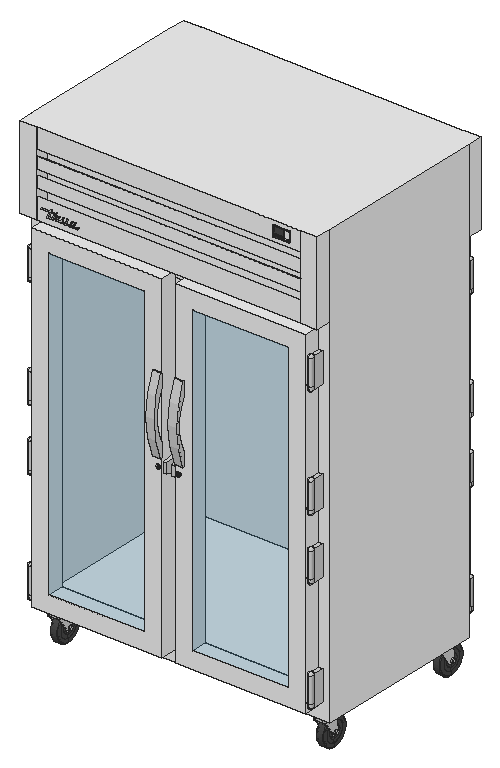
Revit family (continued)
Cuts and joins
  joined: Revolve 14, Extrusion 15
Lines and regions (in)
  symbolic lines
    curve 1: line (0, 0, 0) -> (52.625, 0, 0)
    curve 2: line (0, -36.125, 0) -> (0, 0, 0)
    curve 3: line (52.625, -36.125, 0) -> (0, -36.125, 0)
    curve 4: line (52.625, 0, 0) -> (52.625, -36.125, 0)
    curve 5: line (52.625, -33.875, 0) -> (0, -33.875, 0)
    curve 26: line (23.70675, -37.76905, 0) -> (23.70675, -36.125, 0)
    curve 27: line (23.70675, -37.76905, 0) -> (25.20675, -37.76905, 0)
    curve 28: line (25.20675, -36.125, 0) -> (25.20675, -37.76905, 0)
    curve 29: line (29.09013, -37.76905, 0) -> (29.09013, -36.125, 0)
    curve 30: line (29.09013, -37.76905, 0) -> (27.59013, -37.76905, 0)
    curve 31: line (27.59013, -36.125, 0) -> (27.59013, -37.76905, 0)
    curve 32: arc (20.4, 0.2, 0) -> (13.83438, 1.55018, 0) -> (7.26875, 0.2, 0) r 16.63863
    curve 33: line (20.4, 0, 0) -> (20.4, 0.2, 0)
    curve 34: line (7.26875, 0.2, 0) -> (7.26875, 0, 0)
    curve 35: arc (9.66875, 0, 0) -> (13.83438, 1.04513, 0) -> (18, 0, 0) r 8.82412
    curve 36: arc (32.1625, 0.2, 0) -> (38.9625, 1.64405, 0) -> (45.7625, 0.2, 0) r 16.7325
    curve 37: line (32.1625, 0, 0) -> (32.1625, 0.2, 0)
    curve 38: line (45.7625, 0.2, 0) -> (45.7625, 0, 0)
    curve 39: arc (43.3625, 0, 0) -> (38.9625, 1.15816, 0) -> (34.5625, 0, 0) r 8.93715
    curve 44: line (52.625, -2.25, 0) -> (0, -2.25, 0)
  symbolic lines, style "SpecialityEquipmentHiddenLines", visible <- "Show Casters"
    curve 6: line (3.60602, -26.67571, 0) -> (5.06131, -27.42571, 0)
    curve 7: line (1.20097, -31.34243, 0) -> (3.60602, -26.67571, 0)
    curve 8: line (2.65626, -32.09243, 0) -> (1.20097, -31.34243, 0)
    curve 9: line (5.06131, -27.42571, 0) -> (2.65626, -32.09243, 0)
    curve 10: line (3.98222, -3.1708, 0) -> (5.43751, -4.09689, 0)
    curve 11: line (1.20097, -7.54134, 0) -> (3.98222, -3.1708, 0)
    curve 12: line (2.65626, -8.46743, 0) -> (1.20097, -7.54134, 0)
    curve 13: line (5.43751, -4.09689, 0) -> (2.65626, -8.46743, 0)
    curve 14: line (50.00722, -3.1708, 0) -> (51.30626, -3.9208, 0)
    curve 15: line (47.38222, -7.71743, 0) -> (50.00722, -3.1708, 0)
    curve 16: line (48.68126, -8.46743, 0) -> (47.38222, -7.71743, 0)
    curve 17: line (51.30626, -3.9208, 0) -> (48.68126, -8.46743, 0)
    curve 18: line (50.00722, -26.89987, 0) -> (51.30626, -27.64987, 0)
    curve 19: line (47.38222, -31.44651, 0) -> (50.00722, -26.89987, 0)
    curve 20: line (48.68126, -32.19651, 0) -> (47.38222, -31.44651, 0)
    curve 21: line (51.30626, -27.64987, 0) -> (48.68126, -32.19651, 0)
  symbolic lines, style "QF-Door Swings", visible <- "Show Clearance", detail levels coarse
    curve 22: line (50.53125, -36.125, 0) -> (50.53125, -59.0625, 0)
    curve 23: arc (50.53125, -59.0625, 0) -> (34.31199, -52.34426, 0) -> (27.59375, -36.125, 0) r 22.9375
    curve 24: line (2.25, -36.125, 0) -> (2.25, -59.0625, 0)
    curve 25: arc (2.25, -59.0625, 0) -> (18.46926, -52.34426, 0) -> (25.1875, -36.125, 0) r 22.9375
    curve 40: line (50.53125, 0, 0) -> (50.53125, 22.9375, 0)
    curve 41: arc (50.53125, 22.9375, 0) -> (34.31199, 16.21926, 0) -> (27.59375, 0, 0) r 22.9375
    curve 42: line (2.25, 0, 0) -> (2.25, 22.9375, 0)
    curve 43: arc (2.25, 22.9375, 0) -> (18.46926, 16.21926, 0) -> (25.1875, 0, 0) r 22.9375
Dimensions and locks (in)
  "Depth": plane 5 "FRONT" to plane 1 "BACK"
  plane 7 to level = 6 1/8"
  plane 6 "TOP" to level = 84 1/8"
  plane 6 "TOP" to plane 7 = 78"
  Extrusion 6 to plane 1 "BACK" = 36 1/8"
  "Length": plane 3 "LEFT" to plane 4 "RIGHT"
  plane 4 "RIGHT" to plane 10 to plane 9 to plane 3 "LEFT" = 2 11/16", 46 15/16", 3"
  plane 4 "RIGHT" to plane 3 "LEFT" = 52 5/8"  (x4)
  Extrusion 6 to Extrusion 6 to plane 3 "LEFT" = 22 15/16", 2 1/4"
  plane 4 "RIGHT" to Extrusion 6 to Extrusion 6 = 2 3/32", 22 15/16"
  Extrusion 6 to plane 7 = 1 29/32"
  cut or joined group of Extrusion 1, Extrusion 2, Extrusion 3, Extrusion 4, Extrusion 5 to Extrusion 6 = 1 17/32"
  equal spacing: plane 3 "LEFT", plane 12, plane 4 "RIGHT"
  equal spacing: plane 1 "BACK", plane 14, plane 5 "FRONT"
  cut or joined group of Extrusion 1, Extrusion 2, Extrusion 3, Extrusion 4, Extrusion 5 to cut or joined group of Extrusion 1, Extrusion 2, Extrusion 3, Extrusion 4, Extrusion 5 = 52 15/32"  (x2)
  Extrusion 64 to Extrusion 92 = 29 7/32"
  Extrusion 92 to Extrusion 64 = 29 7/32"
  Extrusion 93 to Extrusion 64 = 29 7/32"
  Extrusion 64 to Extrusion 93 = 29 7/32"
  Extrusion 64 to Extrusion 64 = 22 15/16"  (x2)
  aligned and locked: level to plane 2
Automatic sketch dimensions
  Extrusion 1 sketch curve to plane 3 "LEFT" = 0"
  Extrusion 1 sketch curve to plane 9 = 19/32"
  Extrusion 1 sketch curve to plane 5 "FRONT" = 2 3/4"
  plane 1 "BACK" to Extrusion 1 sketch curve = 2 3/4"
  Extrusion 2 sketch curve to plane 4 "RIGHT" = 0"
  plane 10 to Extrusion 2 sketch curve = 7/16"
  Extrusion 2 sketch curve to plane 5 "FRONT" = 2 3/4"
  plane 1 "BACK" to Extrusion 2 sketch curve = 2 3/4"
  Extrusion 3 sketch curve to plane 11 = 0"  (x4)
  Extrusion 3 sketch curve to plane 13 = 0"  (x4)
  Extrusion 3 sketch curve to plane 6 "TOP" = 0"
  plane 11 to Extrusion 3 sketch curve = 2.2042"
  Extrusion 3 sketch curve to Extrusion 3 sketch curve = 0"  (x3)
  Extrusion 3 sketch curve to plane 7 = 0"
  plane 11 to Extrusion 3 sketch curve = 2.7042"  (x2)
  plane 13 to Extrusion 3 sketch curve = 2.7042"  (x2)
  plane 13 to Extrusion 3 sketch curve = 2.2042"  (x2)
  plane 7 to Extrusion 3 sketch curve = 2 29/32"
  Extrusion 3 sketch curve to plane 6 "TOP" = 17 5/32"
  Extrusion 3 sketch curve to Extrusion 3 sketch curve = 2 17/32"  (x2)
  Extrusion 3 sketch curve to Extrusion 3 sketch curve = 2 1/8"  (x2)
  Extrusion 3 sketch curve to Extrusion 3 sketch curve = 1.27557"  (x4)
  Extrusion 3 sketch curve to Extrusion 3 sketch curve = 0.29169"  (x2)
  Extrusion 3 sketch curve to Extrusion 3 sketch curve = 2.0962"  (x4)
  Extrusion 3 sketch curve to Extrusion 3 sketch curve = 0.96076"  (x4)
  Extrusion 3 sketch curve to Extrusion 3 sketch curve = 2.13371"  (x4)
  Extrusion 3 sketch curve to Extrusion 3 sketch curve = 1.12227"  (x4)
  plane 1 "BACK" to Extrusion 4 sketch curve = 0"
  plane 5 "FRONT" to Extrusion 4 sketch curve = 0"
  Extrusion 4 sketch curve to plane 10 = 0.27718"  (x2)
  Extrusion 4 sketch curve to plane 4 "RIGHT" = 5/64"  (x2)
  Extrusion 4 sketch curve to plane 5 "FRONT" = 2 3/4"
  Extrusion 4 sketch curve to Extrusion 4 sketch curve = 2 3/4"
  plane 1 "BACK" to Extrusion 5 sketch curve = 0"
  plane 5 "FRONT" to Extrusion 5 sketch curve = 0"
  plane 3 "LEFT" to Extrusion 5 sketch curve = 5/64"  (x2)
  plane 9 to Extrusion 5 sketch curve = 0.08484"  (x2)
  Extrusion 5 sketch curve to plane 5 "FRONT" = 2 3/4"
  Extrusion 5 sketch curve to Extrusion 5 sketch curve = 2 3/4"
  Extrusion 6 sketch curve to plane 9 = 3/4"
  plane 9 to Extrusion 6 sketch curve = 2 1/4"
  Extrusion 6 sketch curve to plane 10 = 2 13/32"
  plane 10 to Extrusion 6 sketch curve = 19/32"
  plane 7 to Extrusion 6 sketch curve = 1 29/32"  (x2)
  Extrusion 6 sketch curve to Extrusion 6 sketch curve = 3"  (x4)
  Extrusion 6 sketch curve to plane 6 "TOP" = 19 5/32"  (x2)
  Extrusion 6 sketch curve to Extrusion 6 sketch curve = 0"
  Extrusion 7 sketch curve to plane 12 = 1 197/256"
  Extrusion 7 sketch curve to Extrusion 7 sketch curve = 9/256"
  Extrusion 7 sketch curve to Extrusion 7 sketch curve = 0.0555"  (x2)
  Extrusion 7 sketch curve to plane 8 = 1.79215"
  Extrusion 7 sketch curve to Extrusion 7 sketch curve = 0.02035"
  plane 7 to Extrusion 7 sketch curve = 31.64395"
  Extrusion 7 sketch curve to Extrusion 7 sketch curve = 0"
  Extrusion 7 sketch curve to Extrusion 7 sketch curve = 0.29355"  (x2)
  Extrusion 7 sketch curve to Extrusion 7 sketch curve = 0.27385"  (x2)
  plane 9 to Extrusion 8 sketch curve = 0.84582"
  Extrusion 8 sketch curve to Extrusion 8 sketch curve = 0.10565"  (x5)
  Extrusion 8 sketch curve to Extrusion 8 sketch curve = 1.03891"
  Extrusion 8 sketch curve to Extrusion 8 sketch curve = 0.04606"
  Extrusion 8 sketch curve to Extrusion 8 sketch curve = 0.04025"
  Extrusion 8 sketch curve to Extrusion 8 sketch curve = 0.33624"
  Extrusion 8 sketch curve to Extrusion 8 sketch curve = 0.03034"  (x2)
  Extrusion 8 sketch curve to Extrusion 8 sketch curve = 0.29274"
  Extrusion 8 sketch curve to Extrusion 8 sketch curve = 0.03232"
  Extrusion 8 sketch curve to Extrusion 8 sketch curve = 0.08083"
  Extrusion 8 sketch curve to Extrusion 8 sketch curve = 0.1527"
  Extrusion 8 sketch curve to Extrusion 8 sketch curve = 0.19721"
  Extrusion 8 sketch curve to Extrusion 8 sketch curve = 0.4629"
  Extrusion 8 sketch curve to Extrusion 8 sketch curve = 0.02197"
  Extrusion 8 sketch curve to Extrusion 8 sketch curve = 0.12632"
  Extrusion 8 sketch curve to Extrusion 8 sketch curve = 0.18591"
  Extrusion 8 sketch curve to Extrusion 8 sketch curve = 0.2322"
  Extrusion 8 sketch curve to Extrusion 8 sketch curve = 0.13786"
  Extrusion 8 sketch curve to Extrusion 8 sketch curve = 0.00907"
  Extrusion 8 sketch curve to Extrusion 8 sketch curve = 0.01413"
  Extrusion 8 sketch curve to Extrusion 8 sketch curve = 0.37162"
  Extrusion 8 sketch curve to Extrusion 8 sketch curve = 0.12551"
  Extrusion 8 sketch curve to Extrusion 8 sketch curve = 0.07633"
  Extrusion 8 sketch curve to Extrusion 8 sketch curve = 0.08445"
  Extrusion 8 sketch curve to Extrusion 8 sketch curve = 0.25598"
  Extrusion 8 sketch curve to Extrusion 8 sketch curve = 0.01887"
  Extrusion 8 sketch curve to Extrusion 8 sketch curve = 0.04061"
  Extrusion 8 sketch curve to Extrusion 8 sketch curve = 0.0653"
  Extrusion 8 sketch curve to Extrusion 8 sketch curve = 0.08474"
  Extrusion 8 sketch curve to Extrusion 8 sketch curve = 0.00815"
  Extrusion 8 sketch curve to Extrusion 8 sketch curve = 0.22037"
  Extrusion 8 sketch curve to Extrusion 8 sketch curve = 0.21921"
  Extrusion 8 sketch curve to Extrusion 8 sketch curve = 0.11572"
  Extrusion 8 sketch curve to Extrusion 8 sketch curve = 0.46643"
  Extrusion 8 sketch curve to Extrusion 8 sketch curve = 0.00535"
  Extrusion 8 sketch curve to Extrusion 8 sketch curve = 0.09269"
  Extrusion 8 sketch curve to Extrusion 8 sketch curve = 0.09348"
  Extrusion 8 sketch curve to Extrusion 8 sketch curve = 0.14812"
  Extrusion 8 sketch curve to Extrusion 8 sketch curve = 0.07778"  (x3)
  Extrusion 8 sketch curve to Extrusion 8 sketch curve = 0.20054"
  Extrusion 8 sketch curve to Extrusion 8 sketch curve = 0.04325"
  Extrusion 8 sketch curve to Extrusion 8 sketch curve = 0.32433"
  Extrusion 8 sketch curve to Extrusion 8 sketch curve = 0.10233"  (x2)
  Extrusion 8 sketch curve to Extrusion 8 sketch curve = 0.16515"
  Extrusion 8 sketch curve to Extrusion 8 sketch curve = 0.27321"
  Extrusion 8 sketch curve to Extrusion 8 sketch curve = 0.0526"
  Extrusion 8 sketch curve to Extrusion 8 sketch curve = 0.10005"
  Extrusion 8 sketch curve to Extrusion 8 sketch curve = 0.06912"
  Extrusion 8 sketch curve to Extrusion 8 sketch curve = 0.13276"
  Extrusion 8 sketch curve to Extrusion 8 sketch curve = 0.17486"
  Extrusion 8 sketch curve to Extrusion 8 sketch curve = 0.05291"
  Extrusion 8 sketch curve to Extrusion 8 sketch curve = 0.53374"
  Extrusion 8 sketch curve to Extrusion 8 sketch curve = 0.09914"  (x2)
  Extrusion 8 sketch curve to Extrusion 8 sketch curve = 0.15992"
  Extrusion 8 sketch curve to Extrusion 8 sketch curve = 0.46666"
  Extrusion 8 sketch curve to Extrusion 8 sketch curve = 0.00582"
  Extrusion 8 sketch curve to Extrusion 8 sketch curve = 0.08216"
  Extrusion 8 sketch curve to Extrusion 8 sketch curve = 0.16397"
  Extrusion 8 sketch curve to Extrusion 8 sketch curve = 0.12601"
  Extrusion 8 sketch curve to Extrusion 8 sketch curve = 0.1363"
  Extrusion 8 sketch curve to Extrusion 8 sketch curve = 0.02323"
  Extrusion 8 sketch curve to Extrusion 8 sketch curve = 0.03844"
  Extrusion 8 sketch curve to Extrusion 8 sketch curve = 0.0454"
  Extrusion 8 sketch curve to Extrusion 8 sketch curve = 0.05693"
  Extrusion 8 sketch curve to Extrusion 8 sketch curve = 0.0917"
  Extrusion 8 sketch curve to Extrusion 8 sketch curve = 0.01902"
  Extrusion 8 sketch curve to Extrusion 8 sketch curve = 0.02191"
  Extrusion 8 sketch curve to Extrusion 8 sketch curve = 0.0347"
  Extrusion 8 sketch curve to Extrusion 8 sketch curve = 0.06385"
  Extrusion 8 sketch curve to Extrusion 8 sketch curve = 0.02906"
  Extrusion 8 sketch curve to Extrusion 8 sketch curve = 0.02851"
  Extrusion 8 sketch curve to Extrusion 8 sketch curve = 0.29237"
  Extrusion 8 sketch curve to Extrusion 8 sketch curve = 0.00537"
  Extrusion 8 sketch curve to Extrusion 8 sketch curve = 0.0406"
  Extrusion 8 sketch curve to Extrusion 8 sketch curve = 0.04327"
  Extrusion 8 sketch curve to Extrusion 8 sketch curve = 0.02615"
  Extrusion 8 sketch curve to Extrusion 8 sketch curve = 0.11806"
  Extrusion 8 sketch curve to Extrusion 8 sketch curve = 0.15103"
  Extrusion 8 sketch curve to Extrusion 8 sketch curve = 0.10007"
  Extrusion 8 sketch curve to Extrusion 8 sketch curve = 0.5254"
  Extrusion 8 sketch curve to Extrusion 8 sketch curve = 0.14787"
  Extrusion 8 sketch curve to plane 6 "TOP" = 13.64562"
  Extrusion 8 sketch curve to Extrusion 8 sketch curve = 0.07275"
  Extrusion 8 sketch curve to Extrusion 8 sketch curve = 0.05776"
  Extrusion 8 sketch curve to Extrusion 8 sketch curve = 0.08631"
  Extrusion 8 sketch curve to Extrusion 8 sketch curve = 0.09282"
  Extrusion 8 sketch curve to Extrusion 8 sketch curve = 0.13018"
  Extrusion 8 sketch curve to Extrusion 8 sketch curve = 0.16714"
  Extrusion 8 sketch curve to Extrusion 8 sketch curve = 0.11061"
  Extrusion 8 sketch curve to Extrusion 8 sketch curve = 0.06046"
  Extrusion 8 sketch curve to Extrusion 8 sketch curve = 0.16548"
  Extrusion 8 sketch curve to Extrusion 8 sketch curve = 0.14279"
  Extrusion 8 sketch curve to Extrusion 8 sketch curve = 0.0496"
  Extrusion 8 sketch curve to Extrusion 8 sketch curve = 0.07293"
  Extrusion 8 sketch curve to Extrusion 8 sketch curve = 0.07764"
  Extrusion 8 sketch curve to Extrusion 8 sketch curve = 0.03794"
  Extrusion 8 sketch curve to Extrusion 8 sketch curve = 0.08552"
  Extrusion 8 sketch curve to Extrusion 8 sketch curve = 0.09296"
  Extrusion 8 sketch curve to Extrusion 8 sketch curve = 0.09314"
  Extrusion 8 sketch curve to Extrusion 8 sketch curve = 0.02781"
  Extrusion 8 sketch curve to Extrusion 8 sketch curve = 0.04981"
  Extrusion 8 sketch curve to Extrusion 8 sketch curve = 0.09315"
  Extrusion 8 sketch curve to Extrusion 8 sketch curve = 0.04799"
  Extrusion 8 sketch curve to Extrusion 8 sketch curve = 0.02531"
  Extrusion 8 sketch curve to Extrusion 8 sketch curve = 0.03054"
  Extrusion 8 sketch curve to Extrusion 8 sketch curve = 0.2589"
  Extrusion 8 sketch curve to Extrusion 8 sketch curve = 0.0674"
  Extrusion 8 sketch curve to Extrusion 8 sketch curve = 0.0324"
  Extrusion 8 sketch curve to Extrusion 8 sketch curve = 0.26185"
  Extrusion 8 sketch curve to Extrusion 8 sketch curve = 11/256"
  Extrusion 8 sketch curve to Extrusion 8 sketch curve = 0.07366"
  Extrusion 8 sketch curve to Extrusion 8 sketch curve = 0.02187"
  Extrusion 8 sketch curve to Extrusion 8 sketch curve = 0.06479"
  Extrusion 8 sketch curve to Extrusion 8 sketch curve = 0.01183"
  Extrusion 8 sketch curve to Extrusion 8 sketch curve = 0.05778"
  Extrusion 8 sketch curve to Extrusion 8 sketch curve = 0.53375"
  Extrusion 8 sketch curve to Extrusion 8 sketch curve = 0.23098"
  Extrusion 8 sketch curve to Extrusion 8 sketch curve = 0"
  Extrusion 8 sketch curve to Extrusion 8 sketch curve = 0.05045"
  Extrusion 8 sketch curve to Extrusion 8 sketch curve = 0.09139"
  Extrusion 8 sketch curve to Extrusion 8 sketch curve = 29/128"  (x3)
  Extrusion 9 sketch curve to plane 10 = 13/32"
  Extrusion 9 sketch curve to plane 6 "TOP" = 2 1/8"
  plane 5 "FRONT" to Extrusion 10 sketch curve = 0.2"  (x2)
  plane 5 "FRONT" to Extrusion 10 sketch curve = 0"  (x2)
  Extrusion 10 sketch curve to plane 5 "FRONT" = 7.77899"
  Extrusion 10 sketch curve to plane 14 = 2.97406"
  Extrusion 10 sketch curve to plane 6 "TOP" = 30.96833"
  Extrusion 10 sketch curve to Extrusion 10 sketch curve = 2.4"
  Extrusion 10 sketch curve to Extrusion 10 sketch curve = 4.4"
  Extrusion 10 sketch curve to Extrusion 10 sketch curve = 0"
  Blend 11 sketch curve to plane 12 = 1 1/8"  (x2)
  Blend 11 sketch curve to plane 12 = 3/8"
  plane 7 to Blend 11 sketch curve = 31.11669"
  Blend 11 sketch curve to Blend 11 sketch curve = 1 3/4"
  Blend 11 sketch curve to plane 12 = 0.19277"
  plane 7 to Blend 11 sketch curve = 30.5191"
  Blend 11 sketch curve to Blend 11 sketch curve = 2.78233"
  Blend 12 sketch curve to plane 8 = 1 9/32"
  Blend 12 sketch curve to plane 8 = 17/32"
  plane 7 to Blend 12 sketch curve = 32.86669"
  Blend 12 sketch curve to Blend 12 sketch curve = 1 3/4"
  plane 8 to Blend 12 sketch curve = 1 9/32"
  plane 8 to Blend 12 sketch curve = 0.34902"
  Blend 12 sketch curve to plane 7 = 30.5191"
  Blend 12 sketch curve to Blend 12 sketch curve = 2.78233"
  Extrusion 13 sketch curve to plane 5 "FRONT" = 1/2"
  Extrusion 13 sketch curve to Extrusion 13 sketch curve = 0.43503"
  Extrusion 13 sketch curve to Extrusion 13 sketch curve = 0.20453"
  Extrusion 13 sketch curve to Extrusion 13 sketch curve = 1.61044"
  Extrusion 13 sketch curve to plane 6 "TOP" = 24.88873"
  Extrusion 13 sketch curve to Extrusion 13 sketch curve = 0.71221"
  Extrusion 13 sketch curve to Extrusion 13 sketch curve = 4.39928"
  Revolve 14 sketch curve to plane 5 "FRONT" = 0.07771"  (x2)
  Revolve 14 sketch curve to Revolve 14 sketch curve = 0.38242"
  Revolve 14 sketch curve to Revolve 14 sketch curve = 0.38436"
  Revolve 14 sketch curve to plane 5 "FRONT" = 31/64"
  Revolve 14 sketch curve to Revolve 14 sketch curve = 0.40666"
  Revolve 14 sketch curve to Revolve 14 sketch curve = 0"
  Revolve 14 sketch curve to plane 6 "TOP" = 25.07719"
  Revolve 14 sketch curve to Revolve 14 sketch curve = 0.32931"
  Revolve 14 sketch curve to Revolve 14 sketch curve = 0.51246"
  Revolve 14 sketch curve to Revolve 14 sketch curve = 0.05342"
  Revolve 14 sketch curve to Revolve 14 sketch curve = 4.42889"
  Revolve 14 sketch curve to Revolve 14 sketch curve = 0.04281"
  Revolve 14 sketch curve to Revolve 14 sketch curve = 0.18929"
  Revolve 14 sketch curve to Revolve 14 sketch curve = 0.55526"
  Extrusion 15 sketch curve to plane 9 = 1.14759"
  Extrusion 15 sketch curve to Extrusion 15 sketch curve = 0.39759"
  Extrusion 15 sketch curve to plane 6 "TOP" = 24.12421"
  Extrusion 15 sketch curve to Extrusion 15 sketch curve = 4.47281"
  Extrusion 16 sketch curve to plane 5 "FRONT" = 1/2"
  Extrusion 16 sketch curve to Extrusion 16 sketch curve = 0.43503"
  Extrusion 16 sketch curve to Extrusion 16 sketch curve = 0.20453"
  Extrusion 16 sketch curve to Extrusion 16 sketch curve = 1.61044"
  plane 7 to Extrusion 16 sketch curve = 33.61127"
  Extrusion 16 sketch curve to Extrusion 16 sketch curve = 0.71221"
  Extrusion 16 sketch curve to Extrusion 16 sketch curve = 4.39928"
  Revolve 17 sketch curve to plane 5 "FRONT" = 0.07771"  (x2)
  Revolve 17 sketch curve to Revolve 17 sketch curve = 0.38242"
  Revolve 17 sketch curve to Revolve 17 sketch curve = 0.38436"
  Revolve 17 sketch curve to plane 5 "FRONT" = 31/64"
  Revolve 17 sketch curve to Revolve 17 sketch curve = 0.40666"
  Revolve 17 sketch curve to Revolve 17 sketch curve = 0"
  plane 7 to Revolve 17 sketch curve = 33.42281"
  Revolve 17 sketch curve to Revolve 17 sketch curve = 0.32931"
  Revolve 17 sketch curve to Revolve 17 sketch curve = 0.51246"
  Revolve 17 sketch curve to Revolve 17 sketch curve = 0.05342"
  Revolve 17 sketch curve to Revolve 17 sketch curve = 4.42889"
  Revolve 17 sketch curve to Revolve 17 sketch curve = 0.04281"
  Revolve 17 sketch curve to Revolve 17 sketch curve = 0.18929"
  Revolve 17 sketch curve to Revolve 17 sketch curve = 0.55526"
  Extrusion 18 sketch curve to plane 9 = 1.14759"
  Extrusion 18 sketch curve to Extrusion 18 sketch curve = 0.39759"
  plane 7 to Extrusion 18 sketch curve = 34.37579"
  Extrusion 18 sketch curve to Extrusion 18 sketch curve = 4.47281"
  Extrusion 19 sketch curve to plane 5 "FRONT" = 1/2"
  Extrusion 19 sketch curve to Extrusion 19 sketch curve = 0.43503"
  Extrusion 19 sketch curve to Extrusion 19 sketch curve = 0.20453"
  Extrusion 19 sketch curve to Extrusion 19 sketch curve = 1.61044"
  plane 7 to Extrusion 19 sketch curve = 22.61127"
  Extrusion 19 sketch curve to Extrusion 19 sketch curve = 0.71221"
  Extrusion 19 sketch curve to Extrusion 19 sketch curve = 4.39928"
  Revolve 20 sketch curve to plane 5 "FRONT" = 0.07771"  (x2)
  Revolve 20 sketch curve to Revolve 20 sketch curve = 0.38242"
  Revolve 20 sketch curve to Revolve 20 sketch curve = 0.38436"
  Revolve 20 sketch curve to plane 5 "FRONT" = 31/64"
  Revolve 20 sketch curve to Revolve 20 sketch curve = 0.40666"
  Revolve 20 sketch curve to Revolve 20 sketch curve = 0"
  plane 7 to Revolve 20 sketch curve = 22.42281"
  Revolve 20 sketch curve to Revolve 20 sketch curve = 0.32931"
  Revolve 20 sketch curve to Revolve 20 sketch curve = 0.51246"
  Revolve 20 sketch curve to Revolve 20 sketch curve = 0.05342"
  Revolve 20 sketch curve to Revolve 20 sketch curve = 4.42889"
  Revolve 20 sketch curve to Revolve 20 sketch curve = 0.04281"
  Revolve 20 sketch curve to Revolve 20 sketch curve = 0.18929"
  Revolve 20 sketch curve to Revolve 20 sketch curve = 0.55526"
  Extrusion 21 sketch curve to plane 9 = 1.14759"
  Extrusion 21 sketch curve to Extrusion 21 sketch curve = 0.39759"
  plane 7 to Extrusion 21 sketch curve = 23.37579"
  Extrusion 21 sketch curve to Extrusion 21 sketch curve = 4.47281"
  Extrusion 22 sketch curve to plane 5 "FRONT" = 1/2"
  Extrusion 22 sketch curve to Extrusion 22 sketch curve = 0.43503"
  Extrusion 22 sketch curve to Extrusion 22 sketch curve = 0.20453"
  Extrusion 22 sketch curve to Extrusion 22 sketch curve = 1.61044"
  plane 7 to Extrusion 22 sketch curve = 2.86127"
  Extrusion 22 sketch curve to Extrusion 22 sketch curve = 0.71221"
  Extrusion 22 sketch curve to Extrusion 22 sketch curve = 4.39928"
  Revolve 23 sketch curve to plane 5 "FRONT" = 0.07771"  (x2)
  Revolve 23 sketch curve to Revolve 23 sketch curve = 0.38242"
  Revolve 23 sketch curve to Revolve 23 sketch curve = 0.38436"
  Revolve 23 sketch curve to plane 5 "FRONT" = 31/64"
  Revolve 23 sketch curve to Revolve 23 sketch curve = 0.40666"
  Revolve 23 sketch curve to Revolve 23 sketch curve = 0"
  plane 7 to Revolve 23 sketch curve = 2.67281"
  Revolve 23 sketch curve to Revolve 23 sketch curve = 0.32931"
  Revolve 23 sketch curve to Revolve 23 sketch curve = 0.51246"
  Revolve 23 sketch curve to Revolve 23 sketch curve = 0.05342"
  Revolve 23 sketch curve to Revolve 23 sketch curve = 4.42889"
  Revolve 23 sketch curve to Revolve 23 sketch curve = 0.04281"
  Revolve 23 sketch curve to Revolve 23 sketch curve = 0.18929"
  Revolve 23 sketch curve to Revolve 23 sketch curve = 0.55526"
  Extrusion 24 sketch curve to plane 9 = 1.14759"
  Extrusion 24 sketch curve to Extrusion 24 sketch curve = 0.39759"
  plane 7 to Extrusion 24 sketch curve = 3.62579"
  Extrusion 24 sketch curve to Extrusion 24 sketch curve = 4.47281"
  Extrusion 25 sketch curve to plane 5 "FRONT" = 1/2"
  Extrusion 25 sketch curve to Extrusion 25 sketch curve = 0.43503"
  Extrusion 25 sketch curve to Extrusion 25 sketch curve = 0.20453"
  Extrusion 25 sketch curve to Extrusion 25 sketch curve = 1.61044"
  Extrusion 25 sketch curve to plane 6 "TOP" = 19.57271"
  Extrusion 25 sketch curve to Extrusion 25 sketch curve = 4.39928"
  Extrusion 25 sketch curve to Extrusion 25 sketch curve = 0.71221"
  Revolve 26 sketch curve to plane 5 "FRONT" = 0.07771"  (x2)
  Revolve 26 sketch curve to Revolve 26 sketch curve = 0.38242"
  Revolve 26 sketch curve to Revolve 26 sketch curve = 0.38436"
  Revolve 26 sketch curve to plane 5 "FRONT" = 31/64"
  Revolve 26 sketch curve to Revolve 26 sketch curve = 0.40666"
  Revolve 26 sketch curve to Revolve 26 sketch curve = 0"
  Revolve 26 sketch curve to plane 6 "TOP" = 18.75492"
  Revolve 26 sketch curve to Revolve 26 sketch curve = 0.55526"
  Revolve 26 sketch curve to Revolve 26 sketch curve = 0.19474"
  Revolve 26 sketch curve to Revolve 26 sketch curve = 0.14649"
  Revolve 26 sketch curve to Revolve 26 sketch curve = 4.42889"
  Revolve 26 sketch curve to Revolve 26 sketch curve = 0.05342"
  Revolve 26 sketch curve to Revolve 26 sketch curve = 0.51246"
  Revolve 26 sketch curve to Revolve 26 sketch curve = 0.05889"
  plane 10 to Extrusion 27 sketch curve = 1.14759"
  Extrusion 27 sketch curve to Extrusion 27 sketch curve = 0.39759"
  Extrusion 27 sketch curve to plane 6 "TOP" = 19.6514"
  Extrusion 27 sketch curve to Extrusion 27 sketch curve = 4.47281"
  Extrusion 28 sketch curve to plane 5 "FRONT" = 1/2"
  Extrusion 28 sketch curve to Extrusion 28 sketch curve = 0.43503"
  Extrusion 28 sketch curve to Extrusion 28 sketch curve = 0.20453"
  Extrusion 28 sketch curve to Extrusion 28 sketch curve = 1.61044"
  plane 7 to Extrusion 28 sketch curve = 38.92729"
  Extrusion 28 sketch curve to Extrusion 28 sketch curve = 4.39928"
  Extrusion 28 sketch curve to Extrusion 28 sketch curve = 0.71221"
  Revolve 29 sketch curve to plane 5 "FRONT" = 0.07771"  (x2)
  Revolve 29 sketch curve to Revolve 29 sketch curve = 0.38242"
  Revolve 29 sketch curve to Revolve 29 sketch curve = 0.38436"
  Revolve 29 sketch curve to plane 5 "FRONT" = 31/64"
  Revolve 29 sketch curve to Revolve 29 sketch curve = 0.40666"
  Revolve 29 sketch curve to Revolve 29 sketch curve = 0"
  Revolve 29 sketch curve to plane 6 "TOP" = 38.25492"
  Revolve 29 sketch curve to Revolve 29 sketch curve = 0.55526"
  Revolve 29 sketch curve to Revolve 29 sketch curve = 0.19474"
  Revolve 29 sketch curve to Revolve 29 sketch curve = 0.14649"
  Revolve 29 sketch curve to Revolve 29 sketch curve = 4.42889"
  Revolve 29 sketch curve to Revolve 29 sketch curve = 0.05342"
  Revolve 29 sketch curve to Revolve 29 sketch curve = 0.51246"
  Revolve 29 sketch curve to Revolve 29 sketch curve = 0.05889"
  plane 10 to Extrusion 30 sketch curve = 1.14759"
  Extrusion 30 sketch curve to Extrusion 30 sketch curve = 0.39759"
  plane 7 to Extrusion 30 sketch curve = 38.8486"
  Extrusion 30 sketch curve to Extrusion 30 sketch curve = 4.47281"
  Extrusion 31 sketch curve to plane 5 "FRONT" = 1/2"
  Extrusion 31 sketch curve to Extrusion 31 sketch curve = 0.43503"
  Extrusion 31 sketch curve to Extrusion 31 sketch curve = 0.20453"
  Extrusion 31 sketch curve to Extrusion 31 sketch curve = 1.61044"
  plane 7 to Extrusion 31 sketch curve = 27.92729"
  Extrusion 31 sketch curve to Extrusion 31 sketch curve = 4.39928"
  Extrusion 31 sketch curve to Extrusion 31 sketch curve = 0.71221"
  Revolve 32 sketch curve to plane 5 "FRONT" = 0.07771"  (x2)
  Revolve 32 sketch curve to Revolve 32 sketch curve = 0.38242"
  Revolve 32 sketch curve to Revolve 32 sketch curve = 0.38436"
  Revolve 32 sketch curve to plane 5 "FRONT" = 31/64"
  Revolve 32 sketch curve to Revolve 32 sketch curve = 0.40666"
  Revolve 32 sketch curve to Revolve 32 sketch curve = 0"
  plane 7 to Revolve 32 sketch curve = 28.74508"
  Revolve 32 sketch curve to Revolve 32 sketch curve = 0.55526"
  Revolve 32 sketch curve to Revolve 32 sketch curve = 0.19474"
  Revolve 32 sketch curve to Revolve 32 sketch curve = 0.14649"
  Revolve 32 sketch curve to Revolve 32 sketch curve = 4.42889"
  Revolve 32 sketch curve to Revolve 32 sketch curve = 0.05342"
  Revolve 32 sketch curve to Revolve 32 sketch curve = 0.51246"
  Revolve 32 sketch curve to Revolve 32 sketch curve = 0.05889"
  plane 10 to Extrusion 33 sketch curve = 1.14759"
  Extrusion 33 sketch curve to Extrusion 33 sketch curve = 0.39759"
  plane 7 to Extrusion 33 sketch curve = 27.8486"
  Extrusion 33 sketch curve to Extrusion 33 sketch curve = 4.47281"
  Extrusion 34 sketch curve to plane 5 "FRONT" = 1/2"
  Extrusion 34 sketch curve to Extrusion 34 sketch curve = 0.43503"
  Extrusion 34 sketch curve to Extrusion 34 sketch curve = 0.20453"
  Extrusion 34 sketch curve to Extrusion 34 sketch curve = 1.61044"
  plane 7 to Extrusion 34 sketch curve = 8.17729"
  plane 7 to Extrusion 34 sketch curve = 3.57348"
  Extrusion 34 sketch curve to Extrusion 34 sketch curve = 0.71221"
  Revolve 35 sketch curve to plane 5 "FRONT" = 0.07771"  (x2)
  Revolve 35 sketch curve to Revolve 35 sketch curve = 0.38242"
  Revolve 35 sketch curve to Revolve 35 sketch curve = 0.38436"
  Revolve 35 sketch curve to plane 5 "FRONT" = 31/64"
  Revolve 35 sketch curve to Revolve 35 sketch curve = 0.40666"
  Revolve 35 sketch curve to Revolve 35 sketch curve = 0"
  plane 7 to Revolve 35 sketch curve = 8.99508"
  Revolve 35 sketch curve to Revolve 35 sketch curve = 0.55526"
  Revolve 35 sketch curve to Revolve 35 sketch curve = 0.19474"
  Revolve 35 sketch curve to Revolve 35 sketch curve = 0.14649"
  plane 7 to Revolve 35 sketch curve = 3.62689"
  Revolve 35 sketch curve to Revolve 35 sketch curve = 0.05342"
  Revolve 35 sketch curve to Revolve 35 sketch curve = 0.51246"
  Revolve 35 sketch curve to Revolve 35 sketch curve = 0.05889"
  plane 10 to Extrusion 36 sketch curve = 1.14759"
  Extrusion 36 sketch curve to Extrusion 36 sketch curve = 0.39759"
  plane 7 to Extrusion 36 sketch curve = 8.0986"
  plane 7 to Extrusion 36 sketch curve = 3.62579"
  Revolve 37 sketch curve to plane 10 = 1.50773"
  Revolve 37 sketch curve to Revolve 37 sketch curve = 0.48273"
  Revolve 37 sketch curve to plane 10 = 5/8"  (x2)
  Revolve 37 sketch curve to Revolve 37 sketch curve = 0.1"  (x2)
  Revolve 37 sketch curve to Revolve 37 sketch curve = 0.16101"
  plane 10 to Revolve 37 sketch curve = 0.12908"
  plane 10 to Revolve 37 sketch curve = 0.46399"
  plane 10 to Revolve 37 sketch curve = 0.525"
  Revolve 37 sketch curve to Revolve 37 sketch curve = 1/2"
  Revolve 37 sketch curve to Revolve 37 sketch curve = 0.16509"
  Revolve 37 sketch curve to Revolve 37 sketch curve = 0.39592"
  level to Revolve 37 sketch curve = 2 1/2"
  Revolve 37 sketch curve to Revolve 37 sketch curve = 0"
  Revolve 37 sketch curve to Revolve 37 sketch curve = 0.29941"  (x2)
  Revolve 37 sketch curve to Revolve 37 sketch curve = 3/4"  (x4)
  Revolve 37 sketch curve to Revolve 37 sketch curve = 0.59652"
  Revolve 37 sketch curve to Revolve 37 sketch curve = 0.60059"
  Extrusion 38 sketch curve to plane 7 = 0.63926"  (x2)
  Extrusion 38 sketch curve to plane 5 "FRONT" = 3.79864"
  Extrusion 38 sketch curve to Extrusion 38 sketch curve = 1/4"  (x2)
  level to Extrusion 38 sketch curve = 2.18736"  (x2)
  Extrusion 38 sketch curve to Extrusion 38 sketch curve = 1.7492"
  Extrusion 38 sketch curve to Extrusion 38 sketch curve = 0.50669"  (x2)
  Extrusion 38 sketch curve to Extrusion 38 sketch curve = 2 1/2"
  level to Extrusion 38 sketch curve = 2.59003"
  Extrusion 38 sketch curve to Extrusion 38 sketch curve = 0.59966"  (x2)
  plane 1 "BACK" to Extrusion 38 sketch curve = 6.6077"
  plane 1 "BACK" to Extrusion 38 sketch curve = 4.6085"
  plane 1 "BACK" to Extrusion 38 sketch curve = 3.8577"
  Extrusion 38 sketch curve to Extrusion 38 sketch curve = 0.32905"
  Extrusion 38 sketch curve to Extrusion 38 sketch curve = 0.60485"  (x2)
  Extrusion 39 sketch curve to plane 7 = 0.63926"  (x2)
  Extrusion 39 sketch curve to plane 5 "FRONT" = 3.79864"
  Extrusion 39 sketch curve to Extrusion 39 sketch curve = 1/4"  (x2)
  level to Extrusion 39 sketch curve = 2.18736"  (x2)
  Extrusion 39 sketch curve to Extrusion 39 sketch curve = 1.7492"
  Extrusion 39 sketch curve to Extrusion 39 sketch curve = 0.50669"  (x2)
  Extrusion 39 sketch curve to Extrusion 39 sketch curve = 2 1/2"
  level to Extrusion 39 sketch curve = 2.59003"
  Extrusion 39 sketch curve to Extrusion 39 sketch curve = 0.59966"  (x2)
  plane 1 "BACK" to Extrusion 39 sketch curve = 6.6077"
  plane 1 "BACK" to Extrusion 39 sketch curve = 4.6085"
  plane 1 "BACK" to Extrusion 39 sketch curve = 3.8577"
  Extrusion 39 sketch curve to Extrusion 39 sketch curve = 0.32905"
  Extrusion 39 sketch curve to Extrusion 39 sketch curve = 0.60485"  (x2)
  Revolve 40 sketch curve to plane 10 = 0"  (x2)
  Revolve 40 sketch curve to plane 7 = 0.62954"
  Revolve 40 sketch curve to plane 10 = 1.29707"
  Revolve 40 sketch curve to Revolve 40 sketch curve = 0.10278"
  Revolve 40 sketch curve to plane 7 = 0.00141"
  plane 7 to Revolve 40 sketch curve = 0.26768"
  Revolve 41 sketch curve to level = 0"
  Revolve 41 sketch curve to plane 10 = 0"  (x2)
  Revolve 41 sketch curve to plane 10 = 1/2"
  Revolve 41 sketch curve to Revolve 41 sketch curve = 1/4"
  Revolve 41 sketch curve to plane 7 = 0"
  Revolve 41 sketch curve to Revolve 41 sketch curve = 1.33338"
  level to Revolve 41 sketch curve = 1"
  Revolve 41 sketch curve to Revolve 41 sketch curve = 5/8"
  plane 7 to Revolve 41 sketch curve = 1 25/32"
  Revolve 42 sketch curve to level = 0"
  Revolve 42 sketch curve to plane 10 = 0"  (x2)
  Revolve 42 sketch curve to plane 10 = 1/2"
  Revolve 42 sketch curve to Revolve 42 sketch curve = 1/4"
  Revolve 42 sketch curve to plane 7 = 0"
  Revolve 42 sketch curve to Revolve 42 sketch curve = 1.33338"
  level to Revolve 42 sketch curve = 1"
  Revolve 42 sketch curve to Revolve 42 sketch curve = 5/8"
  plane 7 to Revolve 42 sketch curve = 1 25/32"
  Revolve 43 sketch curve to plane 10 = 0"  (x2)
  Revolve 43 sketch curve to plane 7 = 0.62954"
  Revolve 43 sketch curve to plane 10 = 1.29707"
  Revolve 43 sketch curve to Revolve 43 sketch curve = 0.10278"
  Revolve 43 sketch curve to plane 7 = 0.00141"
  plane 7 to Revolve 43 sketch curve = 0.26768"
  Extrusion 44 sketch curve to plane 7 = 0.63926"  (x2)
  Extrusion 44 sketch curve to plane 5 "FRONT" = 3.79864"
  Extrusion 44 sketch curve to Extrusion 44 sketch curve = 1/4"  (x2)
  Extrusion 44 sketch curve to Extrusion 44 sketch curve = 2 1/2"
  Extrusion 44 sketch curve to plane 7 = 0.93273"  (x2)
  Extrusion 44 sketch curve to Extrusion 44 sketch curve = 0.03603"
  plane 1 "BACK" to Extrusion 44 sketch curve = 6.6077"
  Extrusion 44 sketch curve to plane 7 = 1.24411"
  plane 1 "BACK" to Extrusion 44 sketch curve = 3.8577"
  Revolve 45 sketch curve to plane 10 = 1.50773"
  Revolve 45 sketch curve to Revolve 45 sketch curve = 0.48273"
  Revolve 45 sketch curve to plane 10 = 5/8"  (x2)
  Revolve 45 sketch curve to Revolve 45 sketch curve = 0.1"  (x2)
  Revolve 45 sketch curve to Revolve 45 sketch curve = 0.16101"
  plane 10 to Revolve 45 sketch curve = 0.12908"
  plane 10 to Revolve 45 sketch curve = 0.46399"
  plane 10 to Revolve 45 sketch curve = 0.525"
  Revolve 45 sketch curve to Revolve 45 sketch curve = 1/2"
  Revolve 45 sketch curve to Revolve 45 sketch curve = 0.16509"
  Revolve 45 sketch curve to Revolve 45 sketch curve = 0.39592"
  level to Revolve 45 sketch curve = 2 1/2"
  Revolve 45 sketch curve to Revolve 45 sketch curve = 0"
  Revolve 45 sketch curve to Revolve 45 sketch curve = 0.29941"  (x2)
  Revolve 45 sketch curve to Revolve 45 sketch curve = 3/4"  (x4)
  Revolve 45 sketch curve to Revolve 45 sketch curve = 0.59652"
  Revolve 45 sketch curve to Revolve 45 sketch curve = 0.60059"
  plane 3 "LEFT" to Revolve 46 sketch curve = 1.33602"
  Revolve 46 sketch curve to Revolve 46 sketch curve = 0.48273"
  Revolve 46 sketch curve to plane 9 = 5/8"  (x2)
  Revolve 46 sketch curve to Revolve 46 sketch curve = 0.1"  (x2)
  Revolve 46 sketch curve to Revolve 46 sketch curve = 0.16101"
  plane 9 to Revolve 46 sketch curve = 0.12908"
  plane 9 to Revolve 46 sketch curve = 0.46399"
  plane 9 to Revolve 46 sketch curve = 0.525"
  Revolve 46 sketch curve to Revolve 46 sketch curve = 1/2"
  Revolve 46 sketch curve to Revolve 46 sketch curve = 0.16509"
  Revolve 46 sketch curve to Revolve 46 sketch curve = 0.39592"
  level to Revolve 46 sketch curve = 2 1/2"
  Revolve 46 sketch curve to Revolve 46 sketch curve = 0"
  Revolve 46 sketch curve to Revolve 46 sketch curve = 0.29941"  (x2)
  Revolve 46 sketch curve to Revolve 46 sketch curve = 3/4"  (x4)
  Revolve 46 sketch curve to Revolve 46 sketch curve = 0.59652"
  Revolve 46 sketch curve to Revolve 46 sketch curve = 0.60059"
  Extrusion 47 sketch curve to plane 7 = 0.63926"  (x2)
  Extrusion 47 sketch curve to plane 5 "FRONT" = 3.79864"
  Extrusion 47 sketch curve to Extrusion 47 sketch curve = 1/4"  (x2)
  level to Extrusion 47 sketch curve = 2.18736"  (x2)
  Extrusion 47 sketch curve to Extrusion 47 sketch curve = 1.7492"
  Extrusion 47 sketch curve to Extrusion 47 sketch curve = 0.50669"  (x2)
  Extrusion 47 sketch curve to Extrusion 47 sketch curve = 2 1/2"
  level to Extrusion 47 sketch curve = 2.59003"
  Extrusion 47 sketch curve to Extrusion 47 sketch curve = 0.59966"  (x2)
  plane 1 "BACK" to Extrusion 47 sketch curve = 6.6077"
  plane 1 "BACK" to Extrusion 47 sketch curve = 4.6085"
  plane 1 "BACK" to Extrusion 47 sketch curve = 3.8577"
  Extrusion 47 sketch curve to Extrusion 47 sketch curve = 0.32905"
  Extrusion 47 sketch curve to Extrusion 47 sketch curve = 0.60485"  (x2)
  Extrusion 48 sketch curve to plane 7 = 0.63926"  (x2)
  Extrusion 48 sketch curve to plane 5 "FRONT" = 3.79864"
  Extrusion 48 sketch curve to Extrusion 48 sketch curve = 1/4"  (x2)
  level to Extrusion 48 sketch curve = 2.18736"  (x2)
  Extrusion 48 sketch curve to Extrusion 48 sketch curve = 1.7492"
  Extrusion 48 sketch curve to Extrusion 48 sketch curve = 0.50669"  (x2)
  Extrusion 48 sketch curve to Extrusion 48 sketch curve = 2 1/2"
  level to Extrusion 48 sketch curve = 2.59003"
  Extrusion 48 sketch curve to Extrusion 48 sketch curve = 0.59966"  (x2)
  plane 1 "BACK" to Extrusion 48 sketch curve = 6.6077"
  plane 1 "BACK" to Extrusion 48 sketch curve = 4.6085"
  plane 1 "BACK" to Extrusion 48 sketch curve = 3.8577"
  Extrusion 48 sketch curve to Extrusion 48 sketch curve = 0.32905"
  Extrusion 48 sketch curve to Extrusion 48 sketch curve = 0.60485"  (x2)
  Revolve 49 sketch curve to plane 9 = 0"  (x2)
  Revolve 49 sketch curve to plane 7 = 0.62954"
  Revolve 49 sketch curve to plane 9 = 1.29707"
  Revolve 49 sketch curve to Revolve 49 sketch curve = 0.10278"
  Revolve 49 sketch curve to plane 7 = 0.00141"
  plane 7 to Revolve 49 sketch curve = 0.26768"
  Revolve 50 sketch curve to level = 0"
  Revolve 50 sketch curve to plane 9 = 0"  (x2)
  Revolve 50 sketch curve to plane 9 = 1/2"
  Revolve 50 sketch curve to Revolve 50 sketch curve = 1/4"
  Revolve 50 sketch curve to plane 7 = 0"
  Revolve 50 sketch curve to plane 9 = 1.33338"
  level to Revolve 50 sketch curve = 1"
  Revolve 50 sketch curve to Revolve 50 sketch curve = 5/8"
  plane 7 to Revolve 50 sketch curve = 1 25/32"
  Revolve 51 sketch curve to level = 0"
  Revolve 51 sketch curve to plane 9 = 0"  (x2)
  Revolve 51 sketch curve to plane 9 = 1/2"
  Revolve 51 sketch curve to Revolve 51 sketch curve = 1/4"
  Revolve 51 sketch curve to plane 7 = 0"
  Revolve 51 sketch curve to plane 9 = 1.33338"
  level to Revolve 51 sketch curve = 1"
  Revolve 51 sketch curve to Revolve 51 sketch curve = 5/8"
  plane 7 to Revolve 51 sketch curve = 1 25/32"
  Revolve 52 sketch curve to plane 9 = 0"  (x2)
  Revolve 52 sketch curve to plane 7 = 0.62954"
  Revolve 52 sketch curve to plane 9 = 1.29707"
  Revolve 52 sketch curve to Revolve 52 sketch curve = 0.10278"
  Revolve 52 sketch curve to plane 7 = 0.00141"
  plane 7 to Revolve 52 sketch curve = 0.26768"
  Extrusion 53 sketch curve to plane 7 = 0.63926"  (x2)
  Extrusion 53 sketch curve to plane 5 "FRONT" = 3.79864"
  Extrusion 53 sketch curve to Extrusion 53 sketch curve = 1/4"  (x2)
  Extrusion 53 sketch curve to Extrusion 53 sketch curve = 2 1/2"
  Extrusion 53 sketch curve to plane 7 = 0.93273"  (x2)
  Extrusion 53 sketch curve to Extrusion 53 sketch curve = 0.03603"
  plane 1 "BACK" to Extrusion 53 sketch curve = 6.6077"
  Extrusion 53 sketch curve to plane 7 = 1.24411"
  plane 1 "BACK" to Extrusion 53 sketch curve = 3.8577"
  plane 3 "LEFT" to Revolve 54 sketch curve = 1.33602"
  Revolve 54 sketch curve to Revolve 54 sketch curve = 0.48273"
  Revolve 54 sketch curve to plane 9 = 5/8"  (x2)
  Revolve 54 sketch curve to Revolve 54 sketch curve = 0.1"  (x2)
  Revolve 54 sketch curve to Revolve 54 sketch curve = 0.16101"
  plane 9 to Revolve 54 sketch curve = 0.12908"
  plane 9 to Revolve 54 sketch curve = 0.46399"
  plane 9 to Revolve 54 sketch curve = 0.525"
  Revolve 54 sketch curve to Revolve 54 sketch curve = 1/2"
  Revolve 54 sketch curve to Revolve 54 sketch curve = 0.16509"
  Revolve 54 sketch curve to Revolve 54 sketch curve = 0.39592"
  level to Revolve 54 sketch curve = 2 1/2"
  Revolve 54 sketch curve to Revolve 54 sketch curve = 0"
  Revolve 54 sketch curve to Revolve 54 sketch curve = 0.29941"  (x2)
  Revolve 54 sketch curve to Revolve 54 sketch curve = 3/4"  (x4)
  Revolve 54 sketch curve to Revolve 54 sketch curve = 0.59652"
  Revolve 54 sketch curve to Revolve 54 sketch curve = 0.60059"
  Extrusion 55 sketch curve to plane 6 "TOP" = 2.55982"
  Extrusion 55 sketch curve to plane 10 = 5.12093"
  Extrusion 55 sketch curve to plane 10 = 2.21468"
  Extrusion 55 sketch curve to plane 6 "TOP" = 13/16"
  Extrusion 56 sketch curve to plane 6 "TOP" = 3/4"
  Extrusion 56 sketch curve to plane 10 = 5.18343"
  Extrusion 56 sketch curve to Extrusion 56 sketch curve = 1/16"  (x4)
  Extrusion 56 sketch curve to Extrusion 56 sketch curve = 0.1375"  (x2)
  Extrusion 56 sketch curve to Extrusion 56 sketch curve = 1/4"  (x4)
  Extrusion 56 sketch curve to Extrusion 56 sketch curve = 0.44601"
  Extrusion 56 sketch curve to Extrusion 56 sketch curve = 1/2"  (x2)
  Extrusion 56 sketch curve to Extrusion 56 sketch curve = 0.0035"
  Extrusion 56 sketch curve to Extrusion 56 sketch curve = 1.06923"
  Extrusion 56 sketch curve to plane 6 "TOP" = 0.95"
  Extrusion 56 sketch curve to Extrusion 56 sketch curve = 1"
  Extrusion 56 sketch curve to Extrusion 56 sketch curve = 0.34106"  (x3)
  Extrusion 56 sketch curve to Extrusion 56 sketch curve = 0"
  Extrusion 56 sketch curve to Extrusion 56 sketch curve = 0.26876"
  Extrusion 58 sketch curve to plane 9 = 0"
  Extrusion 58 sketch curve to plane 5 "FRONT" = 5.09023"
  Extrusion 59 sketch curve to plane 9 = 0"
  plane 1 "BACK" to Extrusion 59 sketch curve = 5.44102"
  Extrusion 60 sketch curve to plane 10 = 0"
  plane 1 "BACK" to Extrusion 60 sketch curve = 5.44102"
  Extrusion 61 sketch curve to plane 10 = 0"
  Extrusion 61 sketch curve to plane 5 "FRONT" = 5.09023"
  plane 9 to Extrusion 62 sketch curve = 2 1/4"
  Extrusion 62 sketch curve to plane 12 = 4 1/8"
  Extrusion 62 sketch curve to plane 8 = 4 9/32"
  Extrusion 62 sketch curve to plane 10 = 2 13/32"
  plane 7 to Extrusion 62 sketch curve = 4 29/32"  (x2)
  Extrusion 62 sketch curve to plane 6 "TOP" = 19 5/32"
  Extrusion 62 sketch curve to Extrusion 62 sketch curve = 0"
  plane 5 "FRONT" to Extrusion 63 sketch curve = 0.2"  (x2)
  plane 5 "FRONT" to Extrusion 63 sketch curve = 0"  (x2)
  Extrusion 63 sketch curve to plane 5 "FRONT" = 7.77899"
  Extrusion 63 sketch curve to plane 14 = 2.97406"
  Extrusion 63 sketch curve to plane 6 "TOP" = 30.96833"
  Extrusion 63 sketch curve to Extrusion 63 sketch curve = 2.4"
  Extrusion 63 sketch curve to Extrusion 63 sketch curve = 4.4"
  Extrusion 63 sketch curve to Extrusion 63 sketch curve = 0"
  Extrusion 64 sketch curve to plane 9 = 3/4"
  Extrusion 64 sketch curve to plane 12 = 1 1/8"
  Extrusion 64 sketch curve to plane 8 = 1 9/32"
  plane 10 to Extrusion 64 sketch curve = 19/32"
  Extrusion 64 sketch curve to plane 6 "TOP" = 16 5/32"  (x2)
  plane 7 to Extrusion 64 sketch curve = 1 29/32"  (x2)
  Extrusion 65 sketch curve to plane 12 = 1 197/256"
  Extrusion 65 sketch curve to Extrusion 65 sketch curve = 9/256"
  Extrusion 65 sketch curve to Extrusion 65 sketch curve = 0.0555"  (x2)
  Extrusion 65 sketch curve to plane 8 = 1.79215"
  Extrusion 65 sketch curve to Extrusion 65 sketch curve = 0.02035"
  plane 7 to Extrusion 65 sketch curve = 32.21135"
  Extrusion 65 sketch curve to Extrusion 65 sketch curve = 0"
  Extrusion 65 sketch curve to Extrusion 65 sketch curve = 0.27385"  (x2)
  Extrusion 65 sketch curve to Extrusion 65 sketch curve = 0.29355"  (x2)
  Blend 66 sketch curve to plane 12 = 1 1/8"  (x2)
  Blend 66 sketch curve to plane 12 = 3/8"
  plane 7 to Blend 66 sketch curve = 32.86669"
  Blend 66 sketch curve to Blend 66 sketch curve = 1 3/4"
  Blend 66 sketch curve to plane 12 = 0.19277"
  plane 7 to Blend 66 sketch curve = 33.30143"
  Blend 66 sketch curve to Blend 66 sketch curve = 2.78233"
  Blend 67 sketch curve to plane 8 = 1 9/32"  (x2)
  Blend 67 sketch curve to plane 8 = 17/32"
  plane 7 to Blend 67 sketch curve = 31.11669"
  Blend 67 sketch curve to Blend 67 sketch curve = 1 3/4"
  Blend 67 sketch curve to plane 8 = 0.34902"
  plane 7 to Blend 67 sketch curve = 30.5191"
  Blend 67 sketch curve to Blend 67 sketch curve = 2.78233"
  plane 1 "BACK" to Extrusion 68 sketch curve = 1/2"
  Extrusion 68 sketch curve to Extrusion 68 sketch curve = 0.43503"
  Extrusion 68 sketch curve to Extrusion 68 sketch curve = 0.20453"
  Extrusion 68 sketch curve to Extrusion 68 sketch curve = 1.61044"
  Extrusion 68 sketch curve to plane 6 "TOP" = 19.57271"
  Extrusion 68 sketch curve to Extrusion 68 sketch curve = 4.39928"
  Extrusion 68 sketch curve to Extrusion 68 sketch curve = 0.71221"
  plane 1 "BACK" to Revolve 69 sketch curve = 0.07771"  (x2)
  Revolve 69 sketch curve to Revolve 69 sketch curve = 0.38242"
  Revolve 69 sketch curve to Revolve 69 sketch curve = 0.38436"
  plane 1 "BACK" to Revolve 69 sketch curve = 31/64"
  Revolve 69 sketch curve to Revolve 69 sketch curve = 0.40666"
  Revolve 69 sketch curve to Revolve 69 sketch curve = 0"
  Revolve 69 sketch curve to plane 6 "TOP" = 18.75492"
  Revolve 69 sketch curve to Revolve 69 sketch curve = 0.55526"
  Revolve 69 sketch curve to Revolve 69 sketch curve = 0.19474"
  Revolve 69 sketch curve to Revolve 69 sketch curve = 0.14649"
  Revolve 69 sketch curve to Revolve 69 sketch curve = 4.42889"
  Revolve 69 sketch curve to Revolve 69 sketch curve = 0.05342"
  Revolve 69 sketch curve to Revolve 69 sketch curve = 0.51246"
  Revolve 69 sketch curve to Revolve 69 sketch curve = 0.05889"
  Extrusion 70 sketch curve to plane 9 = 1.14759"
  Extrusion 70 sketch curve to Extrusion 70 sketch curve = 0.39759"
  Extrusion 70 sketch curve to plane 6 "TOP" = 19.6514"
  Extrusion 70 sketch curve to Extrusion 70 sketch curve = 4.47281"
  plane 1 "BACK" to Extrusion 71 sketch curve = 1/2"
  Extrusion 71 sketch curve to Extrusion 71 sketch curve = 0.43503"
  Extrusion 71 sketch curve to Extrusion 71 sketch curve = 0.20453"
  Extrusion 71 sketch curve to Extrusion 71 sketch curve = 1.61044"
  plane 7 to Extrusion 71 sketch curve = 38.92729"
  Extrusion 71 sketch curve to Extrusion 71 sketch curve = 4.39928"
  Extrusion 71 sketch curve to Extrusion 71 sketch curve = 0.71221"
  plane 1 "BACK" to Revolve 72 sketch curve = 0.07771"  (x2)
  Revolve 72 sketch curve to Revolve 72 sketch curve = 0.38242"
  Revolve 72 sketch curve to Revolve 72 sketch curve = 0.38436"
  plane 1 "BACK" to Revolve 72 sketch curve = 31/64"
  Revolve 72 sketch curve to Revolve 72 sketch curve = 0.40666"
  Revolve 72 sketch curve to Revolve 72 sketch curve = 0"
  Revolve 72 sketch curve to plane 6 "TOP" = 38.25492"
  Revolve 72 sketch curve to Revolve 72 sketch curve = 0.55526"
  Revolve 72 sketch curve to Revolve 72 sketch curve = 0.19474"
  Revolve 72 sketch curve to Revolve 72 sketch curve = 0.14649"
  Revolve 72 sketch curve to Revolve 72 sketch curve = 4.42889"
  Revolve 72 sketch curve to Revolve 72 sketch curve = 0.05342"
  Revolve 72 sketch curve to Revolve 72 sketch curve = 0.51246"
  Revolve 72 sketch curve to Revolve 72 sketch curve = 0.05889"
  Extrusion 73 sketch curve to plane 9 = 1.14759"
  Extrusion 73 sketch curve to Extrusion 73 sketch curve = 0.39759"
  plane 7 to Extrusion 73 sketch curve = 38.8486"
  Extrusion 73 sketch curve to Extrusion 73 sketch curve = 4.47281"
  plane 1 "BACK" to Extrusion 74 sketch curve = 1/2"
  Extrusion 74 sketch curve to Extrusion 74 sketch curve = 0.43503"
  Extrusion 74 sketch curve to Extrusion 74 sketch curve = 0.20453"
  Extrusion 74 sketch curve to Extrusion 74 sketch curve = 1.61044"
  plane 7 to Extrusion 74 sketch curve = 27.92729"
  Extrusion 74 sketch curve to Extrusion 74 sketch curve = 4.39928"
  Extrusion 74 sketch curve to Extrusion 74 sketch curve = 0.71221"
  plane 1 "BACK" to Revolve 75 sketch curve = 0.07771"  (x2)
  Revolve 75 sketch curve to Revolve 75 sketch curve = 0.38242"
  Revolve 75 sketch curve to Revolve 75 sketch curve = 0.38436"
  plane 1 "BACK" to Revolve 75 sketch curve = 31/64"
  Revolve 75 sketch curve to Revolve 75 sketch curve = 0.40666"
  Revolve 75 sketch curve to Revolve 75 sketch curve = 0"
  plane 7 to Revolve 75 sketch curve = 28.74508"
  Revolve 75 sketch curve to Revolve 75 sketch curve = 0.55526"
  Revolve 75 sketch curve to Revolve 75 sketch curve = 0.19474"
  Revolve 75 sketch curve to Revolve 75 sketch curve = 0.14649"
  Revolve 75 sketch curve to Revolve 75 sketch curve = 4.42889"
  Revolve 75 sketch curve to Revolve 75 sketch curve = 0.05342"
  Revolve 75 sketch curve to Revolve 75 sketch curve = 0.51246"
  Revolve 75 sketch curve to Revolve 75 sketch curve = 0.05889"
  Extrusion 76 sketch curve to plane 9 = 1.14759"
  Extrusion 76 sketch curve to Extrusion 76 sketch curve = 0.39759"
  plane 7 to Extrusion 76 sketch curve = 27.8486"
  Extrusion 76 sketch curve to Extrusion 76 sketch curve = 4.47281"
  plane 1 "BACK" to Extrusion 77 sketch curve = 1/2"
  Extrusion 77 sketch curve to Extrusion 77 sketch curve = 0.43503"
  Extrusion 77 sketch curve to Extrusion 77 sketch curve = 0.20453"
  Extrusion 77 sketch curve to Extrusion 77 sketch curve = 1.61044"
  plane 7 to Extrusion 77 sketch curve = 8.17729"
  plane 7 to Extrusion 77 sketch curve = 3.57348"
  Extrusion 77 sketch curve to Extrusion 77 sketch curve = 0.71221"
  plane 1 "BACK" to Revolve 78 sketch curve = 0.07771"  (x2)
  Revolve 78 sketch curve to Revolve 78 sketch curve = 0.38242"
  Revolve 78 sketch curve to Revolve 78 sketch curve = 0.38436"
  plane 1 "BACK" to Revolve 78 sketch curve = 31/64"
  Revolve 78 sketch curve to Revolve 78 sketch curve = 0.40666"
  Revolve 78 sketch curve to Revolve 78 sketch curve = 0"
  plane 7 to Revolve 78 sketch curve = 8.99508"
  Revolve 78 sketch curve to Revolve 78 sketch curve = 0.55526"
  Revolve 78 sketch curve to Revolve 78 sketch curve = 0.19474"
  Revolve 78 sketch curve to Revolve 78 sketch curve = 0.14649"
  plane 7 to Revolve 78 sketch curve = 3.62689"
  Revolve 78 sketch curve to Revolve 78 sketch curve = 0.05342"
  Revolve 78 sketch curve to Revolve 78 sketch curve = 0.51246"
  Revolve 78 sketch curve to Revolve 78 sketch curve = 0.05889"
  Extrusion 79 sketch curve to plane 9 = 1.14759"
  Extrusion 79 sketch curve to Extrusion 79 sketch curve = 0.39759"
  plane 7 to Extrusion 79 sketch curve = 8.0986"
  plane 7 to Extrusion 79 sketch curve = 3.62579"
  plane 1 "BACK" to Extrusion 80 sketch curve = 1/2"
  Extrusion 80 sketch curve to Extrusion 80 sketch curve = 0.43503"
  Extrusion 80 sketch curve to Extrusion 80 sketch curve = 0.20453"
  Extrusion 80 sketch curve to Extrusion 80 sketch curve = 1.61044"
  Extrusion 80 sketch curve to plane 6 "TOP" = 24.88873"
  Extrusion 80 sketch curve to Extrusion 80 sketch curve = 0.71221"
  Extrusion 80 sketch curve to Extrusion 80 sketch curve = 4.39928"
  plane 1 "BACK" to Revolve 81 sketch curve = 0.07771"  (x2)
  Revolve 81 sketch curve to Revolve 81 sketch curve = 0.38242"
  Revolve 81 sketch curve to Revolve 81 sketch curve = 0.38436"
  plane 1 "BACK" to Revolve 81 sketch curve = 31/64"
  Revolve 81 sketch curve to Revolve 81 sketch curve = 0.40666"
  Revolve 81 sketch curve to Revolve 81 sketch curve = 0"
  Revolve 81 sketch curve to plane 6 "TOP" = 25.07719"
  Revolve 81 sketch curve to Revolve 81 sketch curve = 0.32931"
  Revolve 81 sketch curve to Revolve 81 sketch curve = 0.51246"
  Revolve 81 sketch curve to Revolve 81 sketch curve = 0.05342"
  Revolve 81 sketch curve to Revolve 81 sketch curve = 4.42889"
  Revolve 81 sketch curve to Revolve 81 sketch curve = 0.04281"
  Revolve 81 sketch curve to Revolve 81 sketch curve = 0.18929"
  Revolve 81 sketch curve to Revolve 81 sketch curve = 0.55526"
  plane 10 to Extrusion 82 sketch curve = 1.14759"
  Extrusion 82 sketch curve to Extrusion 82 sketch curve = 0.39759"
  Extrusion 82 sketch curve to plane 6 "TOP" = 24.12421"
  Extrusion 82 sketch curve to Extrusion 82 sketch curve = 4.47281"
  plane 1 "BACK" to Extrusion 83 sketch curve = 1/2"
  Extrusion 83 sketch curve to Extrusion 83 sketch curve = 0.43503"
  Extrusion 83 sketch curve to Extrusion 83 sketch curve = 0.20453"
  Extrusion 83 sketch curve to Extrusion 83 sketch curve = 1.61044"
  plane 7 to Extrusion 83 sketch curve = 33.61127"
  Extrusion 83 sketch curve to Extrusion 83 sketch curve = 0.71221"
  Extrusion 83 sketch curve to Extrusion 83 sketch curve = 4.39928"
  plane 1 "BACK" to Revolve 84 sketch curve = 0.07771"  (x2)
  Revolve 84 sketch curve to Revolve 84 sketch curve = 0.38242"
  Revolve 84 sketch curve to Revolve 84 sketch curve = 0.38436"
  plane 1 "BACK" to Revolve 84 sketch curve = 31/64"
  Revolve 84 sketch curve to Revolve 84 sketch curve = 0.40666"
  Revolve 84 sketch curve to Revolve 84 sketch curve = 0"
  plane 7 to Revolve 84 sketch curve = 33.42281"
  Revolve 84 sketch curve to Revolve 84 sketch curve = 0.32931"
  Revolve 84 sketch curve to Revolve 84 sketch curve = 0.51246"
  Revolve 84 sketch curve to Revolve 84 sketch curve = 0.05342"
  Revolve 84 sketch curve to Revolve 84 sketch curve = 4.42889"
  Revolve 84 sketch curve to Revolve 84 sketch curve = 0.04281"
  Revolve 84 sketch curve to Revolve 84 sketch curve = 0.18929"
  Revolve 84 sketch curve to Revolve 84 sketch curve = 0.55526"
  plane 10 to Extrusion 85 sketch curve = 1.14759"
  Extrusion 85 sketch curve to Extrusion 85 sketch curve = 0.39759"
  plane 7 to Extrusion 85 sketch curve = 34.37579"
  Extrusion 85 sketch curve to Extrusion 85 sketch curve = 4.47281"
  plane 1 "BACK" to Extrusion 86 sketch curve = 1/2"
  Extrusion 86 sketch curve to Extrusion 86 sketch curve = 0.43503"
  Extrusion 86 sketch curve to Extrusion 86 sketch curve = 0.20453"
  Extrusion 86 sketch curve to Extrusion 86 sketch curve = 1.61044"
  plane 7 to Extrusion 86 sketch curve = 22.61127"
  Extrusion 86 sketch curve to Extrusion 86 sketch curve = 0.71221"
  Extrusion 86 sketch curve to Extrusion 86 sketch curve = 4.39928"
  plane 1 "BACK" to Revolve 87 sketch curve = 0.07771"  (x2)
  Revolve 87 sketch curve to Revolve 87 sketch curve = 0.38242"
  Revolve 87 sketch curve to Revolve 87 sketch curve = 0.38436"
  plane 1 "BACK" to Revolve 87 sketch curve = 31/64"
